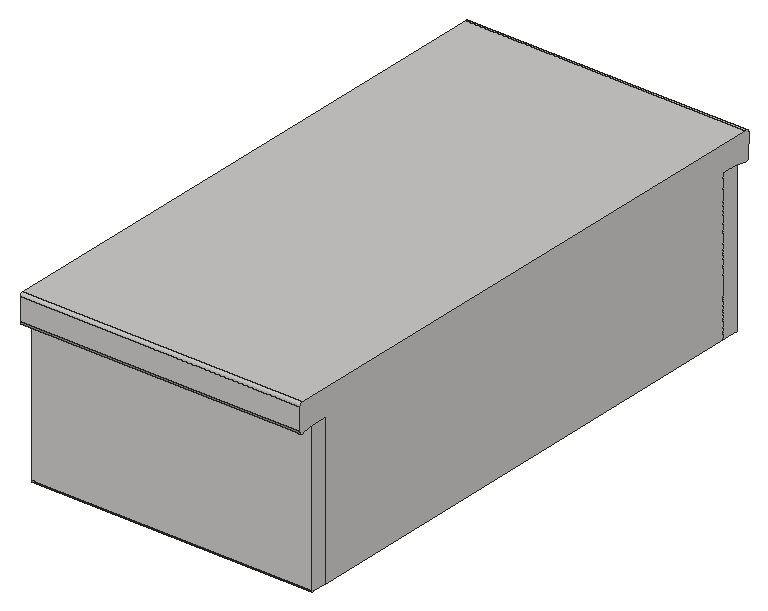
Revit family "QF_ELECTROLUXPROFESSIONAL_588108_MANABADOOO", category Specialty Equipment, Revit 2018
Family settings
  Round Connector Dimension = Use Diameter
  Part Type = Normal
  Work Plane-Based = No
  Always vertical = Yes
  Cut with Voids When Loaded = No
  Shared = No
  Room Calculation Point = No
Parameters
  Weight in Pounds = 24.25
  URL Cutsheet = "www.electrolux.com/professional"
  URL = "www.electrolux.com/professional"
  Type Mark [instance] = ""
  Status [instance] = ""
  Specification by User [instance] = ""
  Specification by Manufacturer = ""
  Serial Number = ""
  Seismic Rating = ""
  SMACNA No = ""
  Revision Code [instance] = ""
  Omniclass Number and Title = ""
  NAFEM Spec ID Number = ""
  Model = "588108"
  Masterspec = ""
  Manufacturer = "ELECTROLUX"
  Item Number [instance] = ""
  Installed By [instance] = ""
  Identify Quantity as Lot [instance] = yes
  Furnished By [instance] = ""
  Foodservice Equipment Identifier [instance] = yes
  Direct Waste Size = 0"
  Description = "CLOSED WORK TOP,1-SIDE,400X800X250H"
  CSI MasterFormat = ""
  CSI Master Format = ""
Reference planes
  plane 1 "BACK": y = 0
  plane 2: z = 0
  plane 3 "LEFT": x = 0
  plane 4 "RIGHT": x = 400
  plane 5 "FRONT": y = -800
  plane 6 "TOP": z = 250
  plane 7 "Center Y": x = 200
  plane 8 "Center X": y = -400
Forms (mm)
  Extrusion 1, solid, material "QF_Finishes_Stainless Steel"
    sketch origin (0, 50.048, 0) x (0, 1, 0) y (0, 0, 1)
      loop
        line (-95.048, 213) -> (-71.412, 213) -> (-54.743, 210.061)
        arc (-54.743, 210.061) -> (-51.477, 210.936) -> (-50.048, 214) r 4
        line (-50.048, 214) -> (-50.048, 246)
        arc (-50.048, 246) -> (-51.22, 248.828) -> (-54.048, 250) r 4
        line (-54.048, 250) -> (-846.048, 250)
        arc (-846.048, 250) -> (-848.877, 248.828) -> (-850.048, 246) r 4
        line (-850.048, 246) -> (-850.048, 214)
        arc (-850.048, 214) -> (-848.619, 210.936) -> (-845.353, 210.061) r 4
        line (-845.353, 210.061) -> (-828.509, 213) -> (-805.048, 213) -> (-805.048, 0) -> (-95.048, 0) -> (-95.048, 213)
    from 0 to 400
  Extrusion 2, solid, material "QF_Finishes_Stainless Steel"
    sketch origin (0, 50.048, 0) x (0, 1, 0) y (0, 0, 1)
      loop
        arc (-828.048, 213) -> (-829.462, 212.414) -> (-830.048, 211) r 2
        line (-830.048, 211) -> (-830.048, 2)
        arc (-830.048, 2) -> (-829.462, 0.586) -> (-828.048, 0) r 2
        line (-828.048, 0) -> (-805.048, 0) -> (-805.048, 213) -> (-828.048, 213)
      loop
        line (-72.048, 213) -> (-95.048, 213) -> (-95.048, 0) -> (-72.048, 0)
        arc (-72.048, 0) -> (-70.634, 0.586) -> (-70.048, 2) r 2
        line (-70.048, 2) -> (-70.048, 211)
        arc (-70.048, 211) -> (-70.634, 212.414) -> (-72.048, 213) r 2
    from 0 to 400
Lines and regions (mm)
  symbolic lines
    curve 1: line (0, 0, 0) -> (400, 0, 0)
    curve 2: line (0, -800, 0) -> (0, 0, 0)
    curve 3: line (400, -800, 0) -> (0, -800, 0)
    curve 4: line (400, 0, 0) -> (400, -800, 0)
Dimensions and locks
  equal spacing: plane 3 "LEFT", plane 7 "Center Y", plane 4 "RIGHT"
  plane 3 "LEFT" to plane 4 "RIGHT" = 400.00 mm
  equal spacing: plane 5 "FRONT", plane 8 "Center X", plane 1 "BACK"
  plane 5 "FRONT" to plane 1 "BACK" = 800.00 mm
  plane 6 "TOP" to level = 250.00 mm
  aligned and locked: level to plane 2
  aligned and locked: Extrusion 1 to plane 4 "RIGHT"
  aligned and locked: Extrusion 2 to plane 4 "RIGHT"
Automatic sketch dimensions
  Extrusion 1 sketch curve to plane 6 "TOP" = 0.00 mm
  Extrusion 1 sketch curve to level = 0.00 mm
  Extrusion 1 sketch curve to plane 6 "TOP" = 36.00 mm
  plane 5 "FRONT" to Extrusion 1 sketch curve = 0.00 mm
  Extrusion 1 sketch curve to plane 6 "TOP" = 39.939 mm
  Extrusion 1 sketch curve to Extrusion 1 sketch curve = 4.00 mm
  Extrusion 1 sketch curve to Extrusion 1 sketch curve = 4.695 mm  (x2)
  Extrusion 1 sketch curve to Extrusion 1 sketch curve = 16.844 mm
  Extrusion 1 sketch curve to plane 5 "FRONT" = 45.00 mm
  plane 1 "BACK" to Extrusion 1 sketch curve = 45.00 mm
  Extrusion 1 sketch curve to Extrusion 1 sketch curve = 23.636 mm
  Extrusion 1 sketch curve to Extrusion 1 sketch curve = 17.364 mm
  Extrusion 1 sketch curve to Extrusion 1 sketch curve = 21.364 mm
  Extrusion 1 sketch curve to Extrusion 1 sketch curve = 0.00 mm  (x2)
  Extrusion 1 sketch curve to Extrusion 1 sketch curve = 0.695 mm
  Extrusion 1 sketch curve to plane 6 "TOP" = 37.00 mm  (x2)
  Extrusion 1 sketch curve to Extrusion 1 sketch curve = 1.00 mm
  Extrusion 2 sketch curve to level = 0.00 mm  (x2)
  level to Extrusion 2 sketch curve = 2.00 mm  (x2)
  Extrusion 2 sketch curve to plane 5 "FRONT" = 20.00 mm
  Extrusion 2 sketch curve to Extrusion 2 sketch curve = 2.00 mm
  Extrusion 2 sketch curve to Extrusion 2 sketch curve = 23.00 mm
  plane 1 "BACK" to Extrusion 2 sketch curve = 45.00 mm
  plane 1 "BACK" to Extrusion 2 sketch curve = 22.00 mm  (x2)
  Extrusion 2 sketch curve to plane 6 "TOP" = 39.00 mm  (x2)
  curve 3 to plane 3 "LEFT" = 0.00 mm
  curve 3 to plane 4 "RIGHT" = 0.00 mm
  plane 1 "BACK" to curve 2 = 0.00 mm
  curve 4 to plane 5 "FRONT" = 0.00 mm
